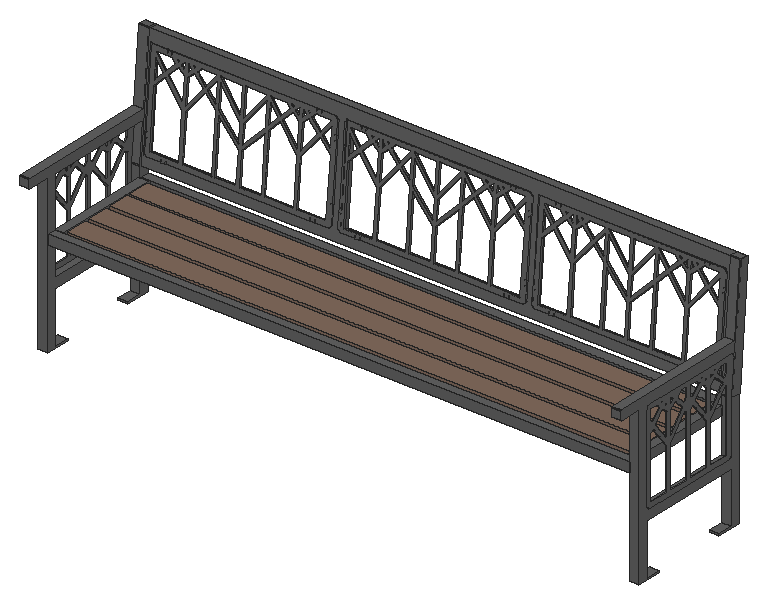
Revit family (continued)
Definition of nested family "Panel-Back-SiteScapes-Steel_Sheet_Metal-8ft"
  Definition of nested family "Panel-Back-SiteScapes-Steel_Sheet_Metal_96_Single"
    Lines and regions (in)
      Masking region 1, detail levels medium+fine
        outline origin (0, -0.07227, 0) x (-1, 0, 0) y (0, 0, 1)
          loop
            spline (21.90475, 13.78866) -> (21.90552, 13.78286) -> (21.90736, 13.77731) -> (21.91022, 13.7722) -> (21.91398, 13.76771) -> (21.91852, 13.764) -> (21.92367, 13.7612) -> (21.92926, 13.75941) -> (21.93509, 13.75869) -> (21.94095, 13.75907) -> (21.94663, 13.76053) -> (21.95195, 13.76302) -> (21.9567, 13.76646)
            line (21.9567, 13.76646) -> (22.47557, 14.22204)
            spline (22.47557, 14.22204) -> (22.47849, 14.22497) -> (22.48099, 14.22826) -> (22.48303, 14.23186) -> (22.48456, 14.23569) -> (22.48556, 14.2397) -> (22.48601, 14.2438) -> (22.48591, 14.24793) -> (22.48525, 14.25201) -> (22.48405, 14.25596) -> (22.48232, 14.25971) -> (22.48011, 14.2632) -> (22.47744, 14.26636)
          loop
            line (21.90475, 12.97745) -> (21.90475, 9.15192)
            spline (21.90475, 9.15192) -> (21.90563, 9.14568) -> (21.90775, 9.13974) -> (21.91103, 9.13435) -> (21.91533, 9.12973) -> (21.92048, 9.12606) -> (21.92626, 9.1235) -> (21.93245, 9.12215) -> (21.93878, 9.12207) -> (21.94499, 9.12326) -> (21.95084, 9.12567) -> (21.95608, 9.1292) -> (21.9605, 9.13371)
            line (21.9605, 9.13371) -> (24.42044, 12.2135)
            spline (24.42044, 12.2135) -> (24.42256, 12.21651) -> (24.4243, 12.21974) -> (24.42564, 12.22317) -> (24.42656, 12.22672) -> (24.42705, 12.23036) -> (24.4271, 12.23403) -> (24.42671, 12.23768) -> (24.42588, 12.24126) -> (24.42463, 12.24472) -> (24.42298, 12.248) -> (24.42094, 12.25106) -> (24.41855, 12.25386)
            line (24.41855, 12.25386) -> (22.90864, 13.81931)
            spline (22.90864, 13.81931) -> (22.90569, 13.82196) -> (22.90242, 13.82421) -> (22.89889, 13.82604) -> (22.89516, 13.82741) -> (22.89129, 13.82831) -> (22.88733, 13.8287) -> (22.88336, 13.8286) -> (22.87943, 13.828) -> (22.87561, 13.8269) -> (22.87195, 13.82534) -> (22.86853, 13.82333) -> (22.86538, 13.8209)
            line (22.86538, 13.8209) -> (21.90475, 12.97745)
          loop
            line (24.78524, 11.82303) -> (21.90474, 8.2167) -> (21.90474, 0.9576)
            spline (21.90474, 0.9576) -> (21.90509, 0.95362) -> (21.90595, 0.94971) -> (21.9073, 0.94595) -> (21.90914, 0.94239) -> (21.91141, 0.9391) -> (21.91409, 0.93612) -> (21.91714, 0.93352) -> (21.92049, 0.93132) -> (21.9241, 0.92958) -> (21.92791, 0.92831) -> (21.93185, 0.92754) -> (21.93586, 0.92728)
            line (21.93586, 0.92728) -> (26.52265, 0.92727)
            spline (26.52265, 0.92727) -> (26.52666, 0.92752) -> (26.5306, 0.92829) -> (26.53441, 0.92956) -> (26.53802, 0.93131) -> (26.54138, 0.9335) -> (26.54442, 0.93611) -> (26.54711, 0.93908) -> (26.54938, 0.94238) -> (26.55121, 0.94594) -> (26.55257, 0.9497) -> (26.55343, 0.95361) -> (26.55377, 0.95759)
            line (26.55377, 0.95759) -> (26.55377, 10.04056) -> (24.83213, 11.82506)
            spline (24.83213, 11.82506) -> (24.82884, 11.82799) -> (24.82517, 11.83043) -> (24.8212, 11.83234) -> (24.81699, 11.83367) -> (24.81264, 11.8344) -> (24.80823, 11.83452) -> (24.80384, 11.83402) -> (24.79957, 11.83291) -> (24.7955, 11.83122) -> (24.7917, 11.82898) -> (24.78826, 11.82623) -> (24.78524, 11.82303)
          loop
            spline (16.69368, 10.92229) -> (16.69449, 10.91628) -> (16.69647, 10.91055) -> (16.69952, 10.9053) -> (16.70353, 10.90074) -> (16.70835, 10.89704) -> (16.7138, 10.89434) -> (16.71968, 10.89274) -> (16.72575, 10.89231) -> (16.73179, 10.89306) -> (16.73758, 10.89495) -> (16.74288, 10.89793) -> (16.7475, 10.90187)
            line (16.7475, 10.90187) -> (18.06902, 12.27199)
            spline (18.06902, 12.27199) -> (18.07141, 12.27479) -> (18.07345, 12.27785) -> (18.0751, 12.28113) -> (18.07635, 12.28459) -> (18.07718, 12.28816) -> (18.07757, 12.29182) -> (18.07753, 12.29549) -> (18.07704, 12.29913) -> (18.07611, 12.30268) -> (18.07477, 12.3061) -> (18.07303, 12.30934) -> (18.07091, 12.31235)
            line (18.07091, 12.31235) -> (16.74944, 13.96681)
            spline (16.74944, 13.96681) -> (16.74502, 13.97132) -> (16.73977, 13.97485) -> (16.73393, 13.97726) -> (16.72771, 13.97845) -> (16.72138, 13.97837) -> (16.7152, 13.97702) -> (16.70941, 13.97446) -> (16.70426, 13.97079) -> (16.69996, 13.96617) -> (16.69668, 13.96078) -> (16.69456, 13.95484) -> (16.69368, 13.9486)
            line (16.69368, 13.9486) -> (16.69368, 10.92229)
          loop
            spline (19.91606, 14.18699) -> (19.91872, 14.19015) -> (19.92094, 14.19363) -> (19.92266, 14.19738) -> (19.92386, 14.20133) -> (19.92452, 14.2054) -> (19.92463, 14.20952) -> (19.92418, 14.21362) -> (19.92318, 14.21763) -> (19.92166, 14.22146) -> (19.91963, 14.22506) -> (19.91713, 14.22835) -> (19.91422, 14.23128)
            line (19.91422, 14.23128) -> (19.17102, 14.88382) -> (16.7579, 14.88382)
            spline (16.7579, 14.88382) -> (16.75222, 14.88329) -> (16.74673, 14.88174) -> (16.74161, 14.87921) -> (16.73706, 14.87579) -> (16.7332, 14.8716) -> (16.73019, 14.86678) -> (16.72812, 14.86148) -> (16.72705, 14.8559) -> (16.72704, 14.85021) -> (16.72807, 14.84463) -> (16.73011, 14.83932) -> (16.73309, 14.83447)
            line (16.73309, 14.83447) -> (18.43572, 12.70282)
            spline (18.43572, 12.70282) -> (18.43874, 12.69962) -> (18.44218, 12.69687) -> (18.44597, 12.69463) -> (18.45005, 12.69293) -> (18.45432, 12.69183) -> (18.4587, 12.69133) -> (18.46311, 12.69145) -> (18.46746, 12.69218) -> (18.47167, 12.69351) -> (18.47564, 12.69542) -> (18.47931, 12.69786) -> (18.4826, 12.70079)
            line (18.4826, 12.70079) -> (19.91606, 14.18699)
          loop
            spline (20.53844, 14.83225) -> (20.542, 14.83702) -> (20.54458, 14.84238) -> (20.54608, 14.84813) -> (20.54645, 14.85406) -> (20.54566, 14.85995) -> (20.54376, 14.86558) -> (20.5408, 14.87074) -> (20.53691, 14.87525) -> (20.53223, 14.87892) -> (20.52692, 14.88164) -> (20.52119, 14.88329) -> (20.51524, 14.88381)
            line (20.51524, 14.88381) -> (20.09963, 14.88381)
            spline (20.09963, 14.88381) -> (20.09351, 14.8832) -> (20.08762, 14.8814) -> (20.08221, 14.87847) -> (20.07749, 14.87453) -> (20.07364, 14.86974) -> (20.07082, 14.86428) -> (20.06915, 14.85838) -> (20.06868, 14.85226) -> (20.06943, 14.84618) -> (20.07138, 14.84036) -> (20.07445, 14.83504) -> (20.07851, 14.83043)
            line (20.07851, 14.83043) -> (20.304, 14.63244)
            spline (20.304, 14.63244) -> (20.30714, 14.63002) -> (20.31057, 14.62801) -> (20.31422, 14.62644) -> (20.31804, 14.62535) -> (20.32197, 14.62475) -> (20.32595, 14.62464) -> (20.3299, 14.62504) -> (20.33378, 14.62593) -> (20.33751, 14.6273) -> (20.34103, 14.62913) -> (20.3443, 14.63139) -> (20.34725, 14.63404)
            line (20.34725, 14.63404) -> (20.53844, 14.83225)
          loop
            spline (20.76954, 14.26636) -> (20.76688, 14.2632) -> (20.76467, 14.25971) -> (20.76294, 14.25596) -> (20.76174, 14.25201) -> (20.76108, 14.24793) -> (20.76098, 14.2438) -> (20.76143, 14.2397) -> (20.76243, 14.23569) -> (20.76396, 14.23186) -> (20.76599, 14.22826) -> (20.76849, 14.22497) -> (20.77142, 14.22204)
            line (20.77142, 14.22204) -> (21.29029, 13.76646)
            spline (21.29029, 13.76646) -> (21.29504, 13.76302) -> (21.30035, 13.76053) -> (21.30604, 13.75907) -> (21.3119, 13.75869) -> (21.31773, 13.75941) -> (21.32332, 13.7612) -> (21.32847, 13.764) -> (21.33301, 13.76771) -> (21.33677, 13.7722) -> (21.33963, 13.77731) -> (21.34147, 13.78286) -> (21.34224, 13.78866)
            line (21.34224, 13.78866) -> (21.34224, 14.78389)
            spline (21.34224, 14.78389) -> (21.34142, 14.7899) -> (21.33945, 14.79564) -> (21.3364, 14.80088) -> (21.33239, 14.80544) -> (21.32756, 14.80914) -> (21.32211, 14.81184) -> (21.31624, 14.81344) -> (21.31016, 14.81387) -> (21.30412, 14.81312) -> (21.29834, 14.81123) -> (21.29303, 14.80825) -> (21.28841, 14.80431)
            line (21.28841, 14.80431) -> (20.76954, 14.26636)
          loop
            line (21.34224, 12.97745) -> (20.3816, 13.8209)
            spline (20.3816, 13.8209) -> (20.37846, 13.82333) -> (20.37504, 13.82534) -> (20.37138, 13.8269) -> (20.36756, 13.828) -> (20.36363, 13.8286) -> (20.35966, 13.8287) -> (20.3557, 13.82831) -> (20.35183, 13.82741) -> (20.3481, 13.82604) -> (20.34457, 13.82421) -> (20.3413, 13.82196) -> (20.33835, 13.81931)
            line (20.33835, 13.81931) -> (18.82844, 12.25386)
            spline (18.82844, 12.25386) -> (18.82605, 12.25106) -> (18.82401, 12.248) -> (18.82236, 12.24472) -> (18.82111, 12.24126) -> (18.82028, 12.23768) -> (18.81989, 12.23403) -> (18.81993, 12.23036) -> (18.82042, 12.22672) -> (18.82135, 12.22317) -> (18.82269, 12.21974) -> (18.82443, 12.21651) -> (18.82655, 12.2135)
            line (18.82655, 12.2135) -> (21.28649, 9.13371)
            spline (21.28649, 9.13371) -> (21.29091, 9.1292) -> (21.29615, 9.12567) -> (21.302, 9.12326) -> (21.30821, 9.12207) -> (21.31454, 9.12215) -> (21.32072, 9.1235) -> (21.32651, 9.12606) -> (21.33166, 9.12973) -> (21.33596, 9.13435) -> (21.33924, 9.13974) -> (21.34136, 9.14568) -> (21.34224, 9.15192)
            line (21.34224, 9.15192) -> (21.34224, 12.97745)
          loop
            spline (18.46175, 11.82303) -> (18.45873, 11.82623) -> (18.45529, 11.82898) -> (18.45149, 11.83122) -> (18.44742, 11.83291) -> (18.44315, 11.83402) -> (18.43876, 11.83452) -> (18.43435, 11.8344) -> (18.43, 11.83367) -> (18.42579, 11.83234) -> (18.42181, 11.83043) -> (18.41815, 11.82799) -> (18.41486, 11.82506)
            line (18.41486, 11.82506) -> (16.69368, 10.04056) -> (16.69368, 0.95759)
            spline (16.69368, 0.95759) -> (16.69402, 0.95361) -> (16.69488, 0.9497) -> (16.69623, 0.94594) -> (16.69807, 0.94238) -> (16.70034, 0.93909) -> (16.70302, 0.93611) -> (16.70607, 0.9335) -> (16.70943, 0.93131) -> (16.71304, 0.92956) -> (16.71685, 0.92829) -> (16.72079, 0.92753) -> (16.7248, 0.92727)
            line (16.7248, 0.92727) -> (21.31113, 0.92728)
            spline (21.31113, 0.92728) -> (21.31514, 0.92754) -> (21.31908, 0.92831) -> (21.32288, 0.92958) -> (21.3265, 0.93132) -> (21.32985, 0.93352) -> (21.3329, 0.93612) -> (21.33558, 0.9391) -> (21.33785, 0.94239) -> (21.33968, 0.94595) -> (21.34104, 0.94971) -> (21.3419, 0.95362) -> (21.34224, 0.9576)
            line (21.34224, 0.9576) -> (21.34224, 8.2167) -> (18.46175, 11.82303)
          loop
            line (12.80484, 10.58059) -> (16.20257, 14.83447)
            spline (16.20257, 14.83447) -> (16.20555, 14.83932) -> (16.20759, 14.84462) -> (16.20862, 14.85021) -> (16.20861, 14.8559) -> (16.20754, 14.86148) -> (16.20547, 14.86677) -> (16.20246, 14.8716) -> (16.1986, 14.87579) -> (16.19405, 14.87921) -> (16.18894, 14.88174) -> (16.18345, 14.88329) -> (16.17776, 14.88382)
            line (16.17776, 14.88382) -> (12.81131, 14.88382)
            spline (12.81131, 14.88382) -> (12.8033, 14.8833) -> (12.79542, 14.88176) -> (12.7878, 14.87922) -> (12.78058, 14.87573) -> (12.77387, 14.87134) -> (12.76778, 14.86613) -> (12.76241, 14.86018) -> (12.75786, 14.85359) -> (12.7542, 14.84647) -> (12.75148, 14.83895) -> (12.74977, 14.83113) -> (12.74908, 14.82317)
            line (12.74908, 14.82317) -> (12.74908, 10.59879)
            spline (12.74908, 10.59879) -> (12.74996, 10.59255) -> (12.75208, 10.58661) -> (12.75536, 10.58122) -> (12.75966, 10.5766) -> (12.76481, 10.57293) -> (12.7706, 10.57037) -> (12.77678, 10.56902) -> (12.78311, 10.56894) -> (12.78933, 10.57013) -> (12.79518, 10.57254) -> (12.80042, 10.57607) -> (12.80484, 10.58059)
          loop
            line (16.18658, 13.96726) -> (12.74908, 9.66357) -> (12.74908, 6.75636) -> (16.18658, 10.32031) -> (16.18658, 13.96726)
          loop
            line (16.13275, 9.45899) -> (12.74908, 5.95086) -> (12.74908, 0.95761)
            spline (12.74908, 0.95761) -> (12.74943, 0.95362) -> (12.75028, 0.94972) -> (12.75164, 0.94595) -> (12.75347, 0.94239) -> (12.75575, 0.9391) -> (12.75843, 0.93613) -> (12.76147, 0.93352) -> (12.76483, 0.93133) -> (12.76844, 0.92958) -> (12.77225, 0.92831) -> (12.77619, 0.92754) -> (12.7802, 0.92728)
            line (12.7802, 0.92728) -> (16.15547, 0.92728)
            spline (16.15547, 0.92728) -> (16.15947, 0.92754) -> (16.16341, 0.92831) -> (16.16722, 0.92958) -> (16.17083, 0.93133) -> (16.17419, 0.93352) -> (16.17723, 0.93613) -> (16.17992, 0.9391) -> (16.18219, 0.94239) -> (16.18402, 0.94595) -> (16.18538, 0.94972) -> (16.18623, 0.95362) -> (16.18658, 0.95761)
            line (16.18658, 0.95761) -> (16.18658, 9.43857)
            spline (16.18658, 9.43857) -> (16.18576, 9.44458) -> (16.18379, 9.45032) -> (16.18074, 9.45557) -> (16.17673, 9.46013) -> (16.1719, 9.46383) -> (16.16645, 9.46653) -> (16.16058, 9.46812) -> (16.1545, 9.46855) -> (16.14846, 9.46781) -> (16.14268, 9.46591) -> (16.13737, 9.46293) -> (16.13275, 9.45899)
          loop
            spline (-1.61719, 10.92229) -> (-1.61637, 10.91628) -> (-1.6144, 10.91055) -> (-1.61135, 10.9053) -> (-1.60734, 10.90074) -> (-1.60252, 10.89704) -> (-1.59706, 10.89434) -> (-1.59119, 10.89274) -> (-1.58512, 10.89231) -> (-1.57908, 10.89306) -> (-1.57329, 10.89495) -> (-1.56799, 10.89793) -> (-1.56336, 10.90187)
            line (-1.56336, 10.90187) -> (-0.24185, 12.27199)
            spline (-0.24185, 12.27199) -> (-0.23946, 12.27479) -> (-0.23742, 12.27785) -> (-0.23576, 12.28113) -> (-0.23451, 12.28459) -> (-0.23369, 12.28816) -> (-0.23329, 12.29182) -> (-0.23334, 12.29549) -> (-0.23383, 12.29913) -> (-0.23475, 12.30268) -> (-0.2361, 12.3061) -> (-0.23784, 12.30934) -> (-0.23996, 12.31235)
            line (-0.23996, 12.31235) -> (-1.56143, 13.96681)
            spline (-1.56143, 13.96681) -> (-1.56585, 13.97132) -> (-1.57109, 13.97485) -> (-1.57694, 13.97726) -> (-1.58316, 13.97845) -> (-1.58949, 13.97837) -> (-1.59567, 13.97702) -> (-1.60146, 13.97446) -> (-1.60661, 13.97079) -> (-1.61091, 13.96617) -> (-1.61419, 13.96078) -> (-1.61631, 13.95484) -> (-1.61719, 13.9486)
            line (-1.61719, 13.9486) -> (-1.61719, 10.92229)
          loop
            spline (1.60519, 14.18699) -> (1.60786, 14.19015) -> (1.61007, 14.19363) -> (1.61179, 14.19738) -> (1.613, 14.20133) -> (1.61366, 14.2054) -> (1.61376, 14.20952) -> (1.61331, 14.21362) -> (1.61232, 14.21763) -> (1.61079, 14.22146) -> (1.60876, 14.22506) -> (1.60626, 14.22835) -> (1.60335, 14.23128)
            line (1.60335, 14.23128) -> (0.86015, 14.88382) -> (-1.55297, 14.88382)
            spline (-1.55297, 14.88382) -> (-1.55865, 14.88329) -> (-1.56414, 14.88174) -> (-1.56925, 14.87921) -> (-1.57381, 14.87579) -> (-1.57766, 14.8716) -> (-1.58068, 14.86678) -> (-1.58275, 14.86148) -> (-1.58381, 14.8559) -> (-1.58383, 14.85021) -> (-1.5828, 14.84463) -> (-1.58076, 14.83932) -> (-1.57778, 14.83447)
            line (-1.57778, 14.83447) -> (0.12485, 12.70282)
            spline (0.12485, 12.70282) -> (0.12787, 12.69962) -> (0.13131, 12.69687) -> (0.1351, 12.69463) -> (0.13918, 12.69293) -> (0.14345, 12.69183) -> (0.14783, 12.69133) -> (0.15224, 12.69145) -> (0.15659, 12.69218) -> (0.1608, 12.69351) -> (0.16478, 12.69542) -> (0.16844, 12.69786) -> (0.17173, 12.70079)
            line (0.17173, 12.70079) -> (1.60519, 14.18699)
          loop
            spline (2.22757, 14.83225) -> (2.23114, 14.83702) -> (2.23371, 14.84238) -> (2.23521, 14.84813) -> (2.23558, 14.85406) -> (2.23479, 14.85995) -> (2.23289, 14.86558) -> (2.22994, 14.87074) -> (2.22604, 14.87525) -> (2.22136, 14.87892) -> (2.21605, 14.88164) -> (2.21032, 14.88329) -> (2.20438, 14.88381)
            line (2.20438, 14.88381) -> (1.78877, 14.88381)
            spline (1.78877, 14.88381) -> (1.78264, 14.8832) -> (1.77675, 14.8814) -> (1.77134, 14.87847) -> (1.76662, 14.87453) -> (1.76277, 14.86974) -> (1.75995, 14.86428) -> (1.75828, 14.85838) -> (1.75781, 14.85226) -> (1.75856, 14.84618) -> (1.76051, 14.84036) -> (1.76358, 14.83504) -> (1.76764, 14.83043)
            line (1.76764, 14.83043) -> (1.99313, 14.63244)
            spline (1.99313, 14.63244) -> (1.99627, 14.63002) -> (1.9997, 14.62801) -> (2.00335, 14.62644) -> (2.00717, 14.62535) -> (2.0111, 14.62475) -> (2.01508, 14.62464) -> (2.01903, 14.62504) -> (2.02291, 14.62593) -> (2.02664, 14.6273) -> (2.03017, 14.62913) -> (2.03343, 14.63139) -> (2.03639, 14.63404)
            line (2.03639, 14.63404) -> (2.22757, 14.83225)
          loop
            spline (2.45868, 14.26636) -> (2.45601, 14.2632) -> (2.4538, 14.25971) -> (2.45207, 14.25596) -> (2.45087, 14.25201) -> (2.45021, 14.24793) -> (2.45011, 14.2438) -> (2.45056, 14.2397) -> (2.45156, 14.23569) -> (2.45309, 14.23186) -> (2.45513, 14.22826) -> (2.45763, 14.22497) -> (2.46055, 14.22204)
            line (2.46055, 14.22204) -> (2.97942, 13.76646)
            spline (2.97942, 13.76646) -> (2.98417, 13.76302) -> (2.98949, 13.76053) -> (2.99517, 13.75907) -> (3.00103, 13.75869) -> (3.00686, 13.75941) -> (3.01245, 13.7612) -> (3.0176, 13.764) -> (3.02214, 13.76771) -> (3.0259, 13.7722) -> (3.02876, 13.77731) -> (3.0306, 13.78286) -> (3.03137, 13.78866)
            line (3.03137, 13.78866) -> (3.03137, 14.78389)
            spline (3.03137, 14.78389) -> (3.03055, 14.7899) -> (3.02858, 14.79564) -> (3.02553, 14.80088) -> (3.02152, 14.80544) -> (3.01669, 14.80914) -> (3.01124, 14.81184) -> (3.00537, 14.81344) -> (2.9993, 14.81387) -> (2.99325, 14.81312) -> (2.98747, 14.81123) -> (2.98217, 14.80825) -> (2.97754, 14.80431)
            line (2.97754, 14.80431) -> (2.45868, 14.26636)
          loop
            line (3.03137, 12.97745) -> (2.07074, 13.8209)
            spline (2.07074, 13.8209) -> (2.06759, 13.82333) -> (2.06417, 13.82534) -> (2.06051, 13.8269) -> (2.05669, 13.828) -> (2.05276, 13.8286) -> (2.04879, 13.8287) -> (2.04483, 13.82831) -> (2.04096, 13.82741) -> (2.03723, 13.82604) -> (2.0337, 13.82421) -> (2.03044, 13.82196) -> (2.02748, 13.81931)
            line (2.02748, 13.81931) -> (0.51757, 12.25386)
            spline (0.51757, 12.25386) -> (0.51518, 12.25106) -> (0.51314, 12.248) -> (0.51149, 12.24472) -> (0.51024, 12.24126) -> (0.50941, 12.23768) -> (0.50902, 12.23403) -> (0.50907, 12.23036) -> (0.50956, 12.22672) -> (0.51048, 12.22317) -> (0.51182, 12.21974) -> (0.51356, 12.21651) -> (0.51568, 12.2135)
            line (0.51568, 12.2135) -> (2.97562, 9.13371)
            spline (2.97562, 9.13371) -> (2.98004, 9.1292) -> (2.98528, 9.12567) -> (2.99113, 9.12326) -> (2.99734, 9.12207) -> (3.00367, 9.12215) -> (3.00986, 9.1235) -> (3.01564, 9.12606) -> (3.02079, 9.12973) -> (3.02509, 9.13435) -> (3.02837, 9.13974) -> (3.03049, 9.14568) -> (3.03137, 9.15192)
            line (3.03137, 9.15192) -> (3.03137, 12.97745)
          loop
            spline (0.15088, 11.82303) -> (0.14786, 11.82623) -> (0.14442, 11.82898) -> (0.14062, 11.83122) -> (0.13655, 11.83291) -> (0.13228, 11.83402) -> (0.12789, 11.83452) -> (0.12348, 11.8344) -> (0.11913, 11.83367) -> (0.11492, 11.83234) -> (0.11095, 11.83043) -> (0.10728, 11.82799) -> (0.10399, 11.82506)
            line (0.10399, 11.82506) -> (-1.61719, 10.04056) -> (-1.61719, 0.95759)
            spline (-1.61719, 0.95759) -> (-1.61685, 0.95361) -> (-1.61599, 0.9497) -> (-1.61463, 0.94594) -> (-1.6128, 0.94238) -> (-1.61053, 0.93909) -> (-1.60784, 0.93611) -> (-1.6048, 0.9335) -> (-1.60144, 0.93131) -> (-1.59783, 0.92956) -> (-1.59402, 0.92829) -> (-1.59008, 0.92753) -> (-1.58607, 0.92727)
            line (-1.58607, 0.92727) -> (3.00026, 0.92728)
            spline (3.00026, 0.92728) -> (3.00427, 0.92754) -> (3.00821, 0.92831) -> (3.01202, 0.92958) -> (3.01563, 0.93132) -> (3.01898, 0.93352) -> (3.02203, 0.93612) -> (3.02471, 0.9391) -> (3.02699, 0.94239) -> (3.02882, 0.94595) -> (3.03017, 0.94971) -> (3.03103, 0.95362) -> (3.03138, 0.9576)
            line (3.03138, 0.9576) -> (3.03138, 8.2167) -> (0.15088, 11.82303)
          loop
            line (8.24244, 10.92229) -> (8.24244, 13.9486)
            spline (8.24244, 13.9486) -> (8.24156, 13.95484) -> (8.23944, 13.96078) -> (8.23616, 13.96617) -> (8.23186, 13.97079) -> (8.22671, 13.97446) -> (8.22092, 13.97702) -> (8.21474, 13.97837) -> (8.20841, 13.97845) -> (8.20219, 13.97726) -> (8.19635, 13.97485) -> (8.1911, 13.97132) -> (8.18668, 13.96681)
            line (8.18668, 13.96681) -> (6.86521, 12.31235)
            spline (6.86521, 12.31235) -> (6.86309, 12.30934) -> (6.86135, 12.3061) -> (6.86001, 12.30268) -> (6.85908, 12.29913) -> (6.85859, 12.29549) -> (6.85855, 12.29182) -> (6.85894, 12.28816) -> (6.85977, 12.28459) -> (6.86102, 12.28113) -> (6.86267, 12.27785) -> (6.86471, 12.27479) -> (6.8671, 12.27199)
            line (6.8671, 12.27199) -> (8.18862, 10.90187)
            spline (8.18862, 10.90187) -> (8.19324, 10.89793) -> (8.19854, 10.89495) -> (8.20433, 10.89306) -> (8.21037, 10.89231) -> (8.21644, 10.89274) -> (8.22232, 10.89434) -> (8.22777, 10.89704) -> (8.23259, 10.90074) -> (8.2366, 10.9053) -> (8.23965, 10.91055) -> (8.24163, 10.91628) -> (8.24244, 10.92229)
          loop
            line (5.02006, 14.18699) -> (6.45352, 12.70079)
            spline (6.45352, 12.70079) -> (6.45681, 12.69786) -> (6.46048, 12.69542) -> (6.46445, 12.69351) -> (6.46866, 12.69218) -> (6.47301, 12.69145) -> (6.47742, 12.69133) -> (6.4818, 12.69183) -> (6.48607, 12.69293) -> (6.49015, 12.69463) -> (6.49394, 12.69687) -> (6.49738, 12.69962) -> (6.5004, 12.70282)
            line (6.5004, 12.70282) -> (8.20303, 14.83447)
            spline (8.20303, 14.83447) -> (8.20601, 14.83932) -> (8.20805, 14.84463) -> (8.20908, 14.85021) -> (8.20907, 14.8559) -> (8.208, 14.86148) -> (8.20593, 14.86678) -> (8.20292, 14.8716) -> (8.19906, 14.87579) -> (8.19451, 14.87921) -> (8.18939, 14.88174) -> (8.1839, 14.88329) -> (8.17822, 14.88382)
            line (8.17822, 14.88382) -> (5.7651, 14.88382) -> (5.0219, 14.23128)
            spline (5.0219, 14.23128) -> (5.01899, 14.22835) -> (5.01649, 14.22506) -> (5.01446, 14.22146) -> (5.01294, 14.21763) -> (5.01194, 14.21362) -> (5.01149, 14.20952) -> (5.0116, 14.2054) -> (5.01226, 14.20133) -> (5.01346, 14.19738) -> (5.01518, 14.19363) -> (5.0174, 14.19015) -> (5.02006, 14.18699)
          loop
            line (4.39768, 14.83225) -> (4.58887, 14.63404)
            spline (4.58887, 14.63404) -> (4.59182, 14.63139) -> (4.59509, 14.62913) -> (4.59861, 14.6273) -> (4.60234, 14.62593) -> (4.60622, 14.62504) -> (4.61017, 14.62464) -> (4.61415, 14.62475) -> (4.61808, 14.62535) -> (4.6219, 14.62644) -> (4.62555, 14.62801) -> (4.62898, 14.63002) -> (4.63212, 14.63244)
            line (4.63212, 14.63244) -> (4.85761, 14.83043)
            spline (4.85761, 14.83043) -> (4.86167, 14.83504) -> (4.86474, 14.84036) -> (4.86669, 14.84618) -> (4.86744, 14.85226) -> (4.86697, 14.85838) -> (4.8653, 14.86428) -> (4.86248, 14.86974) -> (4.85863, 14.87453) -> (4.85391, 14.87847) -> (4.8485, 14.8814) -> (4.84261, 14.8832) -> (4.83649, 14.88381)
            line (4.83649, 14.88381) -> (4.42088, 14.88381)
            spline (4.42088, 14.88381) -> (4.41493, 14.88329) -> (4.4092, 14.88164) -> (4.40389, 14.87892) -> (4.39921, 14.87525) -> (4.39532, 14.87074) -> (4.39236, 14.86558) -> (4.39046, 14.85995) -> (4.38967, 14.85406) -> (4.39004, 14.84813) -> (4.39154, 14.84238) -> (4.39412, 14.83702) -> (4.39768, 14.83225)
          loop
            line (4.16658, 14.26636) -> (3.64771, 14.80431)
            spline (3.64771, 14.80431) -> (3.64309, 14.80825) -> (3.63778, 14.81123) -> (3.632, 14.81312) -> (3.62596, 14.81387) -> (3.61988, 14.81344) -> (3.61401, 14.81184) -> (3.60856, 14.80914) -> (3.60373, 14.80544) -> (3.59972, 14.80088) -> (3.59667, 14.79564) -> (3.5947, 14.7899) -> (3.59388, 14.78389)
            line (3.59388, 14.78389) -> (3.59388, 13.78866)
            spline (3.59388, 13.78866) -> (3.59465, 13.78286) -> (3.59649, 13.77731) -> (3.59935, 13.7722) -> (3.60311, 13.76771) -> (3.60765, 13.764) -> (3.6128, 13.7612) -> (3.61839, 13.75941) -> (3.62422, 13.75869) -> (3.63008, 13.75907) -> (3.63577, 13.76053) -> (3.64108, 13.76302) -> (3.64583, 13.76646)
            line (3.64583, 13.76646) -> (4.1647, 14.22204)
            spline (4.1647, 14.22204) -> (4.16763, 14.22497) -> (4.17013, 14.22826) -> (4.17216, 14.23186) -> (4.17369, 14.23569) -> (4.17469, 14.2397) -> (4.17514, 14.2438) -> (4.17504, 14.24793) -> (4.17438, 14.25201) -> (4.17318, 14.25596) -> (4.17145, 14.25971) -> (4.16924, 14.2632) -> (4.16658, 14.26636)
          loop
            line (3.59388, 12.97745) -> (3.59388, 9.15192)
            spline (3.59388, 9.15192) -> (3.59476, 9.14568) -> (3.59688, 9.13974) -> (3.60016, 9.13435) -> (3.60446, 9.12973) -> (3.60961, 9.12606) -> (3.6154, 9.1235) -> (3.62158, 9.12215) -> (3.62791, 9.12207) -> (3.63412, 9.12326) -> (3.63997, 9.12567) -> (3.64521, 9.1292) -> (3.64963, 9.13371)
            line (3.64963, 9.13371) -> (6.10957, 12.2135)
            spline (6.10957, 12.2135) -> (6.11169, 12.21651) -> (6.11343, 12.21974) -> (6.11477, 12.22317) -> (6.1157, 12.22672) -> (6.11619, 12.23036) -> (6.11623, 12.23403) -> (6.11584, 12.23768) -> (6.11501, 12.24126) -> (6.11376, 12.24472) -> (6.11211, 12.248) -> (6.11007, 12.25106) -> (6.10768, 12.25386)
            line (6.10768, 12.25386) -> (4.59777, 13.81931)
            spline (4.59777, 13.81931) -> (4.59482, 13.82196) -> (4.59155, 13.82421) -> (4.58802, 13.82604) -> (4.58429, 13.82741) -> (4.58042, 13.82831) -> (4.57646, 13.8287) -> (4.57249, 13.8286) -> (4.56856, 13.828) -> (4.56474, 13.8269) -> (4.56108, 13.82534) -> (4.55766, 13.82333) -> (4.55452, 13.8209)
            line (4.55452, 13.8209) -> (3.59388, 12.97745)
          loop
            line (6.47437, 11.82303) -> (3.59388, 8.2167) -> (3.59388, 0.9576)
            spline (3.59388, 0.9576) -> (3.59422, 0.95362) -> (3.59508, 0.94971) -> (3.59644, 0.94595) -> (3.59827, 0.94239) -> (3.60054, 0.9391) -> (3.60322, 0.93612) -> (3.60627, 0.93352) -> (3.60962, 0.93132) -> (3.61324, 0.92958) -> (3.61704, 0.92831) -> (3.62098, 0.92754) -> (3.62499, 0.92728)
            line (3.62499, 0.92728) -> (8.21086, 0.92727)
            spline (8.21086, 0.92727) -> (8.21493, 0.92753) -> (8.21893, 0.92829) -> (8.2228, 0.92956) -> (8.22646, 0.93131) -> (8.22987, 0.9335) -> (8.23296, 0.93611) -> (8.23568, 0.93909) -> (8.23799, 0.94238) -> (8.23985, 0.94594) -> (8.24122, 0.9497) -> (8.24209, 0.95361) -> (8.24245, 0.95759)
            line (8.24245, 0.95759) -> (8.24245, 10.04056) -> (6.52126, 11.82506)
            spline (6.52126, 11.82506) -> (6.51797, 11.82799) -> (6.51431, 11.83043) -> (6.51033, 11.83234) -> (6.50612, 11.83367) -> (6.50177, 11.8344) -> (6.49736, 11.83452) -> (6.49297, 11.83402) -> (6.4887, 11.83291) -> (6.48463, 11.83122) -> (6.48083, 11.82898) -> (6.47739, 11.82623) -> (6.47437, 11.82303)
          loop
            spline (12.13082, 10.58059) -> (12.13524, 10.57607) -> (12.14048, 10.57254) -> (12.14633, 10.57013) -> (12.15255, 10.56894) -> (12.15888, 10.56902) -> (12.16506, 10.57037) -> (12.17085, 10.57293) -> (12.176, 10.5766) -> (12.1803, 10.58122) -> (12.18358, 10.58661) -> (12.1857, 10.59255) -> (12.18658, 10.59879)
            line (12.18658, 10.59879) -> (12.18658, 14.82317)
            spline (12.18658, 14.82317) -> (12.18589, 14.83113) -> (12.18418, 14.83895) -> (12.18146, 14.84647) -> (12.1778, 14.85359) -> (12.17325, 14.86018) -> (12.16788, 14.86613) -> (12.16179, 14.87134) -> (12.15508, 14.87573) -> (12.14786, 14.87922) -> (12.14024, 14.88176) -> (12.13236, 14.8833) -> (12.12435, 14.88382)
            line (12.12435, 14.88382) -> (8.75836, 14.88382)
            spline (8.75836, 14.88382) -> (8.75267, 14.88329) -> (8.74718, 14.88174) -> (8.74207, 14.87921) -> (8.73752, 14.87579) -> (8.73366, 14.8716) -> (8.73065, 14.86677) -> (8.72858, 14.86148) -> (8.72751, 14.8559) -> (8.7275, 14.85021) -> (8.72853, 14.84462) -> (8.73057, 14.83932) -> (8.73355, 14.83447)
            line (8.73355, 14.83447) -> (12.13082, 10.58059)
          loop
            line (8.74954, 13.96726) -> (8.74954, 10.32031) -> (12.18658, 6.75636) -> (12.18658, 9.66357) -> (8.74954, 13.96726)
          loop
            spline (8.80337, 9.45899) -> (8.79875, 9.46293) -> (8.79344, 9.46591) -> (8.78766, 9.46781) -> (8.78162, 9.46855) -> (8.77554, 9.46812) -> (8.76967, 9.46653) -> (8.76422, 9.46383) -> (8.75939, 9.46013) -> (8.75538, 9.45557) -> (8.75233, 9.45032) -> (8.75036, 9.44458) -> (8.74954, 9.43857)
            line (8.74954, 9.43857) -> (8.74954, 0.95761)
            spline (8.74954, 0.95761) -> (8.74989, 0.95362) -> (8.75074, 0.94972) -> (8.7521, 0.94595) -> (8.75393, 0.94239) -> (8.75621, 0.9391) -> (8.75889, 0.93613) -> (8.76193, 0.93352) -> (8.76529, 0.93133) -> (8.7689, 0.92958) -> (8.77271, 0.92831) -> (8.77665, 0.92754) -> (8.78065, 0.92728)
            line (8.78065, 0.92728) -> (12.15546, 0.92728)
            spline (12.15546, 0.92728) -> (12.15947, 0.92754) -> (12.16341, 0.92831) -> (12.16722, 0.92958) -> (12.17083, 0.93133) -> (12.17419, 0.93352) -> (12.17723, 0.93613) -> (12.17992, 0.9391) -> (12.18219, 0.94239) -> (12.18402, 0.94595) -> (12.18538, 0.94972) -> (12.18623, 0.95362) -> (12.18658, 0.95761)
            line (12.18658, 0.95761) -> (12.18658, 5.95086) -> (8.80337, 9.45899)
      Masking region 2, detail levels medium+fine
        outline origin (-12.46829, 0, 0) x (0, 1, 0) y (0, 0, 1)
          loop
            line (-0.60165, 0.06191) -> (0.81883, 15.54741) -> (0.6749, 15.56062) -> (-0.74557, 0.07511) -> (-0.60165, 0.06191)
      Masking region 3, detail levels medium+fine
        outline origin (0, 0, 0) x (1, 0, 0) y (0, 1, 0)
          loop
            line (-27.43704, 0.78485) -> (-27.43704, -0.70689) -> (-27.06204, -0.74085) -> (2.14121, -0.74085) -> (2.50046, -0.7083) -> (2.50046, 0.78485) -> (2.12546, 0.81883) -> (-27.06204, 0.81883) -> (-27.43704, 0.78485)
      model lines, detail levels coarse
        curve 1: line (-26.99541, 0.71298, 15.18466) -> (2.05883, 0.71298, 15.18466)
        curve 2: line (-26.99541, -0.63571, 0.48163) -> (-26.99541, 0.71298, 15.18466)
        curve 3: line (2.05883, -0.63571, 0.48163) -> (-26.99541, -0.63571, 0.48163)
        curve 4: line (2.05883, -0.63571, 0.48163) -> (2.05883, 0.71298, 15.18466)
        curve 5: line (-21.62349, -0.63571, 0.48163) -> (-21.62349, 0.71298, 15.18466)
        curve 6: line (-16.44013, -0.63571, 0.48163) -> (-16.44013, 0.71298, 15.18466)
        curve 7: line (-26.99541, 0.22974, 9.91651) -> (-21.91486, 0.71298, 15.18466)
        curve 8: line (-26.99541, 0.69093, 14.94429) -> (-21.62349, 0.07401, 8.21874)
        curve 9: line (-21.62349, 0.51568, 13.0337) -> (-24.07332, 0.71298, 15.18466)
        curve 10: line (-16.44013, 0.24767, 10.11202) -> (-21.33213, 0.71298, 15.18466)
        curve 11: line (-16.44013, 0.66928, 14.70824) -> (-21.62349, 0.07401, 8.21874)
        curve 12: line (-21.62349, 0.51568, 13.0337) -> (-19.17367, 0.71298, 15.18466)
        curve 13: line (-12.46829, -0.12256, 6.07589) -> (-16.44013, 0.24025, 10.03112)
        curve 14: line (-12.46829, 0.20686, 9.66711) -> (-16.45637, 0.66487, 14.66012)
        curve 15: line (-3.31308, -0.63571, 0.48163) -> (-3.31308, 0.71298, 15.18466)
        curve 16: line (-8.49645, -0.63571, 0.48163) -> (-8.49645, 0.71298, 15.18466)
        curve 17: line (2.05883, 0.22974, 9.91652) -> (-3.02172, 0.71298, 15.18466)
        curve 18: line (2.05883, 0.69093, 14.94429) -> (-3.31308, 0.07401, 8.21874)
        curve 19: line (-3.31308, 0.51568, 13.0337) -> (-0.86326, 0.71298, 15.18466)
        curve 20: line (-8.49645, 0.24767, 10.11202) -> (-3.60445, 0.71298, 15.18466)
        curve 21: line (-8.49645, 0.66928, 14.70824) -> (-3.31308, 0.07401, 8.21874)
        curve 22: line (-3.31308, 0.51568, 13.0337) -> (-5.76291, 0.71298, 15.18466)
        curve 23: line (-12.46829, -0.12256, 6.07589) -> (-8.49645, 0.24025, 10.03112)
        curve 24: line (-12.46829, 0.20686, 9.66711) -> (-8.48021, 0.66487, 14.66012)
        curve 25: line (-12.46829, -0.63571, 0.48163) -> (-12.46829, 0.71298, 15.18466)
    Dimensions and locks (in)
      "Depth": plane 5 "Back" to plane 4 "Front"
      equal spacing: plane 5 "Back", plane 1 "Center (Front/Back)", plane 4 "Front"
      locked: plane 7 to plane 6 at 0.25
      locked: plane 8 to plane 9 at 0.25
      "Height": plane 10 "Top" to plane 2 "Original Bottom"
      equal spacing: plane 6, plane 3 "Center (Left/Right)", plane 8
      "Depth": plane 13 to plane 12
      equal spacing: plane 13, plane 11 "ANGLE", plane 12
      aligned and locked: plane 2 "Original Bottom" to level
      aligned and locked: plane 6 to Extrusion 1  (x3)
      aligned and locked: plane 8 to Extrusion 1  (x3)
      aligned: plane 10 "Top" to Extrusion 1
      aligned: plane 2 "Original Bottom" to Extrusion 1
      aligned: plane 1 "Center (Front/Back)" to Extrusion 1
      aligned: Masking region 1 sketch curve to Extrusion 1  (x27)
      aligned and locked: Masking region 1 sketch curve to Extrusion 1  (x37)
      aligned: Extrusion 1 to Masking region 1 sketch curve  (x11)
      aligned and locked: Extrusion 1 to plane 12
      aligned and locked: plane 13 to Extrusion 1
      aligned and locked: plane 13 to Masking region 2 sketch curve
      aligned and locked: Masking region 2 sketch curve to plane 12
      aligned and locked: Masking region 2 sketch curve to Extrusion 1  (x2)
      aligned and locked: plane 6 to Masking region 3 sketch curve
      aligned and locked: plane 8 to Masking region 3 sketch curve
      aligned and locked: Extrusion 1 to Masking region 3 sketch curve  (x2)
      aligned and locked: Masking region 3 sketch curve to Extrusion 1  (x4)
    Automatic sketch dimensions
      Extrusion 1 sketch curve to plane 8 = 0' - 0"  (x4)
      Extrusion 1 sketch curve to plane 6 = 0' - 0"  (x3)
      plane 8 to Extrusion 1 sketch curve = 0' - 0.00002"
      Extrusion 1 sketch curve to plane 8 = 0' - 0.16525"
      Extrusion 1 sketch curve to plane 8 = 0' - 0.16527"
      Extrusion 1 sketch curve to plane 8 = 0' - 0.16557"
      Extrusion 1 sketch curve to plane 8 = 0' - 0.16561"
      Extrusion 1 sketch curve to plane 8 = 0' - 0.21995"
      Extrusion 1 sketch curve to plane 8 = 0' - 0.21996"
      Extrusion 1 sketch curve to Extrusion 1 sketch curve = 0' - 0.05477"
      Extrusion 1 sketch curve to Extrusion 1 sketch curve = 0' - 0.0548"
      Extrusion 1 sketch curve to Extrusion 1 sketch curve = 0' - 0.09227"
      Extrusion 1 sketch curve to Extrusion 1 sketch curve = 0' - 0"  (x23)
      Extrusion 1 sketch curve to Extrusion 1 sketch curve = 0' - 0.00007"  (x23)
      Extrusion 1 sketch curve to Extrusion 1 sketch curve = 0' - 0.09768"
      Extrusion 1 sketch curve to Extrusion 1 sketch curve = 0' - 0.09787"
      Extrusion 1 sketch curve to Extrusion 1 sketch curve = 0' - 0.09918"
      Extrusion 1 sketch curve to Extrusion 1 sketch curve = 0' - 0.00008"
      Extrusion 1 sketch curve to plane 8 = 0' - 0 3/8"  (x2)
      Extrusion 1 sketch curve to plane 8 = 0' - 0.88327"  (x2)
      Extrusion 1 sketch curve to Extrusion 1 sketch curve = 0' - 0.03112"  (x6)
      Extrusion 1 sketch curve to Extrusion 1 sketch curve = 0' - 0 1/32"  (x15)
      Extrusion 1 sketch curve to Extrusion 1 sketch curve = 0' - 0.03127"  (x3)
      Extrusion 1 sketch curve to Extrusion 1 sketch curve = 0' - 0.03942"
      Extrusion 1 sketch curve to Extrusion 1 sketch curve = 0' - 0.02258"  (x2)
      Extrusion 1 sketch curve to Extrusion 1 sketch curve = 0' - 0.02449"  (x10)
      Extrusion 1 sketch curve to Extrusion 1 sketch curve = 0' - 0.02481"  (x5)
      Extrusion 1 sketch curve to Extrusion 1 sketch curve = 0' - 0.00013"  (x5)
      Extrusion 1 sketch curve to Extrusion 1 sketch curve = 0' - 1.32186"  (x2)
      Extrusion 1 sketch curve to Extrusion 1 sketch curve = 0' - 0.02222"  (x7)
      Extrusion 1 sketch curve to Extrusion 1 sketch curve = 0' - 0.02411"  (x5)
      Extrusion 1 sketch curve to Extrusion 1 sketch curve = 0' - 0.34584"  (x4)
      Extrusion 1 sketch curve to Extrusion 1 sketch curve = 0' - 1.70973"
      Extrusion 1 sketch curve to Extrusion 1 sketch curve = 0' - 1.67674"
      Extrusion 1 sketch curve to Extrusion 1 sketch curve = 0' - 0.36481"  (x2)
      Extrusion 1 sketch curve to Extrusion 1 sketch curve = 0' - 0.02254"  (x4)
      Extrusion 1 sketch curve to Extrusion 1 sketch curve = 0' - 0.01661"
      Extrusion 1 sketch curve to Extrusion 1 sketch curve = 0' - 0.01648"
      Extrusion 1 sketch curve to Extrusion 1 sketch curve = 0' - 0.02435"  (x3)
      Extrusion 1 sketch curve to Extrusion 1 sketch curve = 0' - 0.02436"  (x4)
      Extrusion 1 sketch curve to Extrusion 1 sketch curve = 0' - 0.03296"
      Extrusion 1 sketch curve to Extrusion 1 sketch curve = 0' - 0.03323"
      Extrusion 1 sketch curve to Extrusion 1 sketch curve = 0' - 0.02253"  (x3)
      Extrusion 1 sketch curve to Extrusion 1 sketch curve = 0' - 0.3648"  (x5)
      Extrusion 1 sketch curve to Extrusion 1 sketch curve = 0' - 0.00189"  (x4)
      Extrusion 1 sketch curve to Extrusion 1 sketch curve = 0' - 0.70329"
      Extrusion 1 sketch curve to Extrusion 1 sketch curve = 0' - 0.04324"
      Extrusion 1 sketch curve to Extrusion 1 sketch curve = 0' - 0.74974"
      Extrusion 1 sketch curve to Extrusion 1 sketch curve = 0' - 0.01688"  (x2)
      Extrusion 1 sketch curve to Extrusion 1 sketch curve = 0' - 0.0145"  (x2)
      Extrusion 1 sketch curve to Extrusion 1 sketch curve = 0' - 0.72281"
      Extrusion 1 sketch curve to Extrusion 1 sketch curve = 0' - 0.02036"  (x2)
      Extrusion 1 sketch curve to Extrusion 1 sketch curve = 0' - 0.02223"  (x2)
      Extrusion 1 sketch curve to Extrusion 1 sketch curve = 0' - 0.16496"
      Extrusion 1 sketch curve to Extrusion 1 sketch curve = 0' - 0.02063"
      Extrusion 1 sketch curve to Extrusion 1 sketch curve = 0' - 0.00011"  (x3)
      Extrusion 1 sketch curve to Extrusion 1 sketch curve = 0' - 0.17312"
      Extrusion 1 sketch curve to Extrusion 1 sketch curve = 0' - 0.02077"  (x2)
      Extrusion 1 sketch curve to Extrusion 1 sketch curve = 0' - 0.42229"  (x4)
      Extrusion 1 sketch curve to Extrusion 1 sketch curve = 0' - 0.02264"  (x2)
      Extrusion 1 sketch curve to Extrusion 1 sketch curve = 0' - 0.00869"
      Extrusion 1 sketch curve to Extrusion 1 sketch curve = 0' - 0.02247"  (x6)
      Extrusion 1 sketch curve to Extrusion 1 sketch curve = 0' - 0.0207"  (x6)
      Extrusion 1 sketch curve to Extrusion 1 sketch curve = 0' - 0.15924"
      Extrusion 1 sketch curve to Extrusion 1 sketch curve = 0' - 0.02252"
      Extrusion 1 sketch curve to Extrusion 1 sketch curve = 0' - 0.0086"
      Extrusion 1 sketch curve to Extrusion 1 sketch curve = 0' - 0.36573"
      Extrusion 1 sketch curve to Extrusion 1 sketch curve = 0' - 2.82473"  (x2)
      Extrusion 1 sketch curve to Extrusion 1 sketch curve = 0' - 0.74192"
      Extrusion 1 sketch curve to Extrusion 1 sketch curve = 0' - 0 139/256"
      Extrusion 1 sketch curve to Extrusion 1 sketch curve = 0' - 0.02259"  (x7)
      Extrusion 1 sketch curve to Extrusion 1 sketch curve = 0' - 0.02075"  (x2)
      Extrusion 1 sketch curve to Extrusion 1 sketch curve = 0' - 2.06449"
      Extrusion 1 sketch curve to Extrusion 1 sketch curve = 0' - 0.03111"  (x6)
      Extrusion 1 sketch curve to Extrusion 1 sketch curve = 0' - 0 9/16"  (x6)
      Extrusion 1 sketch curve to Extrusion 1 sketch curve = 0' - 0.02072"  (x2)
      Extrusion 1 sketch curve to Extrusion 1 sketch curve = 0' - 0.00867"
      Extrusion 1 sketch curve to Extrusion 1 sketch curve = 0' - 0.01054"
      Extrusion 1 sketch curve to Extrusion 1 sketch curve = 0' - 0.48772"
      Extrusion 1 sketch curve to Extrusion 1 sketch curve = 0' - 0.02059"
      Extrusion 1 sketch curve to Extrusion 1 sketch curve = 0' - 0.02245"
      Extrusion 1 sketch curve to Extrusion 1 sketch curve = 0' - 0.00861"
      Extrusion 1 sketch curve to Extrusion 1 sketch curve = 0' - 0.23172"
      Extrusion 1 sketch curve to Extrusion 1 sketch curve = 0' - 0.02249"
      Extrusion 1 sketch curve to Extrusion 1 sketch curve = 0' - 0.38989"  (x2)
      Extrusion 1 sketch curve to Extrusion 1 sketch curve = 0' - 0.1368"
      Extrusion 1 sketch curve to Extrusion 1 sketch curve = 0' - 0.01056"
      Extrusion 1 sketch curve to Extrusion 1 sketch curve = 0' - 0.19368"
      Extrusion 1 sketch curve to Extrusion 1 sketch curve = 0' - 0.02065"
      Extrusion 1 sketch curve to Extrusion 1 sketch curve = 0' - 0.01047"
      Extrusion 1 sketch curve to Extrusion 1 sketch curve = 0' - 0.00187"  (x3)
      Extrusion 1 sketch curve to Extrusion 1 sketch curve = 0' - 0.89764"
      Extrusion 1 sketch curve to Extrusion 1 sketch curve = 0' - 1.51016"  (x2)
      Extrusion 1 sketch curve to Extrusion 1 sketch curve = 0' - 2.41299"
      Extrusion 1 sketch curve to Extrusion 1 sketch curve = 0' - 0.00846"  (x2)
      Extrusion 1 sketch curve to Extrusion 1 sketch curve = 0' - 1.32149"
      plane 3 "Center (Left/Right)" to Extrusion 1 sketch curve = 0' - 4.2575"
      Extrusion 1 sketch curve to Extrusion 1 sketch curve = 0' - 0.05385"  (x2)
      Extrusion 1 sketch curve to Extrusion 1 sketch curve = 0' - 0.53052"
      Extrusion 1 sketch curve to Extrusion 1 sketch curve = 0' - 0.50709"
      Extrusion 1 sketch curve to Extrusion 1 sketch curve = 0' - 0.5071"  (x3)
      plane 3 "Center (Left/Right)" to Extrusion 1 sketch curve = 0' - 0.34409"
      Extrusion 1 sketch curve to Extrusion 1 sketch curve = 0' - 0.00015"  (x2)
      plane 3 "Center (Left/Right)" to Extrusion 1 sketch curve = 0' - 0.33747"
      plane 3 "Center (Left/Right)" to Extrusion 1 sketch curve = 0' - 0.3129"
      plane 3 "Center (Left/Right)" to Extrusion 1 sketch curve = 0' - 0.28171"
      Extrusion 1 sketch curve to Extrusion 1 sketch curve = 0' - 0.06224"  (x2)
      Extrusion 1 sketch curve to plane 3 "Center (Left/Right)" = 0' - 0.28079"  (x3)
      Extrusion 1 sketch curve to Extrusion 1 sketch curve = 0' - 3.38365"
      Extrusion 1 sketch curve to Extrusion 1 sketch curve = 0' - 3.37512"
      Extrusion 1 sketch curve to Extrusion 1 sketch curve = 0' - 3.36617"
      Extrusion 1 sketch curve to Extrusion 1 sketch curve = 0' - 0.00882"
      Extrusion 1 sketch curve to Extrusion 1 sketch curve = 0' - 0.53106"
      Extrusion 1 sketch curve to Extrusion 1 sketch curve = 0' - 0.0244"
      Extrusion 1 sketch curve to Extrusion 1 sketch curve = 0' - 0.03113"
      Extrusion 1 sketch curve to Extrusion 1 sketch curve = 0' - 0.38693"
      Extrusion 1 sketch curve to Extrusion 1 sketch curve = 0' - 0.71318"
      Extrusion 1 sketch curve to Extrusion 1 sketch curve = 0' - 0.76733"
      Extrusion 1 sketch curve to Extrusion 1 sketch curve = 0' - 0.14016"
      Extrusion 1 sketch curve to Extrusion 1 sketch curve = 0' - 0.02113"  (x2)
      Extrusion 1 sketch curve to Extrusion 1 sketch curve = 0' - 0.00026"
      Extrusion 1 sketch curve to Extrusion 1 sketch curve = 0' - 0.22558"
      Extrusion 1 sketch curve to Extrusion 1 sketch curve = 0' - 0.4"
      Extrusion 1 sketch curve to Extrusion 1 sketch curve = 0' - 0.19056"
      Extrusion 1 sketch curve to Extrusion 1 sketch curve = 0' - 0.00014"  (x2)
      Extrusion 1 sketch curve to Extrusion 1 sketch curve = 0' - 0.02295"  (x2)
      Extrusion 1 sketch curve to Extrusion 1 sketch curve = 0' - 0.02224"  (x2)
      Extrusion 1 sketch curve to Extrusion 1 sketch curve = 0' - 0.51885"
      Extrusion 1 sketch curve to Extrusion 1 sketch curve = 0' - 0.51882"
      Extrusion 1 sketch curve to Extrusion 1 sketch curve = 0' - 4.58619"
      Extrusion 1 sketch curve to Extrusion 1 sketch curve = 0' - 0.5192"
      Extrusion 1 sketch curve to Extrusion 1 sketch curve = 0' - 0.02037"
      Extrusion 1 sketch curve to Extrusion 1 sketch curve = 0' - 0.2311"
      Extrusion 1 sketch curve to Extrusion 1 sketch curve = 0' - 0.00025"
      Extrusion 1 sketch curve to Extrusion 1 sketch curve = 0' - 0.19119"
      Extrusion 1 sketch curve to Extrusion 1 sketch curve = 0' - 0.225"
      Extrusion 1 sketch curve to Extrusion 1 sketch curve = 0' - 2.06312"
      Extrusion 1 sketch curve to Extrusion 1 sketch curve = 0' - 0.85268"
      Extrusion 1 sketch curve to Extrusion 1 sketch curve = 0' - 0.01591"  (x2)
      Extrusion 1 sketch curve to Extrusion 1 sketch curve = 0' - 0.01541"
      Extrusion 1 sketch curve to Extrusion 1 sketch curve = 0' - 0.01503"
      Extrusion 1 sketch curve to Extrusion 1 sketch curve = 0' - 0.04094"
      Extrusion 1 sketch curve to Extrusion 1 sketch curve = 0' - 0.04564"
      Extrusion 1 sketch curve to Extrusion 1 sketch curve = 0' - 0.66645"
      Extrusion 1 sketch curve to Extrusion 1 sketch curve = 0' - 0.03947"
      Extrusion 1 sketch curve to Extrusion 1 sketch curve = 0' - 0 3/4"
      Extrusion 1 sketch curve to Extrusion 1 sketch curve = 0' - 0.0163"
      Extrusion 1 sketch curve to Extrusion 1 sketch curve = 0' - 0.01457"
      Extrusion 1 sketch curve to Extrusion 1 sketch curve = 0' - 0.0326"
      Extrusion 1 sketch curve to Extrusion 1 sketch curve = 0' - 0.01543"
      Extrusion 1 sketch curve to plane 6 = 0' - 0.94762"
      Extrusion 1 sketch curve to plane 6 = 0' - 0.93711"
      Extrusion 1 sketch curve to plane 6 = 0' - 0.91446"
      Extrusion 1 sketch curve to plane 6 = 0' - 0 3/8"  (x2)
      Extrusion 1 sketch curve to plane 6 = 0' - 0.3127"
      Extrusion 1 sketch curve to plane 6 = 0' - 0.31199"
      Extrusion 1 sketch curve to plane 6 = 0' - 0.31187"
      Extrusion 1 sketch curve to plane 6 = 0' - 0.31131"
      Extrusion 1 sketch curve to Extrusion 1 sketch curve = 0' - 0.09115"
      Extrusion 1 sketch curve to Extrusion 1 sketch curve = 0' - 0.09176"
      Extrusion 1 sketch curve to Extrusion 1 sketch curve = 0' - 0.09266"
      Extrusion 1 sketch curve to Extrusion 1 sketch curve = 0' - 0.09196"
      Extrusion 1 sketch curve to plane 6 = 0' - 0.16566"
      Extrusion 1 sketch curve to plane 6 = 0' - 0.16555"
      Extrusion 1 sketch curve to Extrusion 1 sketch curve = 0' - 0.05479"  (x2)
      Extrusion 1 sketch curve to plane 6 = 0' - 0.00004"
      plane 6 to Extrusion 1 sketch curve = 0' - 0.00024"
      Extrusion 1 sketch curve to Extrusion 1 sketch curve = 0' - 0.00337"
      Extrusion 1 sketch curve to Extrusion 1 sketch curve = 0' - 0.01074"
      Extrusion 1 sketch curve to Extrusion 1 sketch curve = 0' - 0.01223"
      Extrusion 1 sketch curve to Extrusion 1 sketch curve = 0' - 0.02053"
      Extrusion 1 sketch curve to Extrusion 1 sketch curve = 0' - 0.03612"
      Extrusion 1 sketch curve to Extrusion 1 sketch curve = 0' - 0.03764"
      Extrusion 1 sketch curve to Extrusion 1 sketch curve = 0' - 0.32518"
      Extrusion 1 sketch curve to Extrusion 1 sketch curve = 0' - 0.0005"
      Extrusion 1 sketch curve to Extrusion 1 sketch curve = 0' - 0.33098"
      Extrusion 1 sketch curve to Extrusion 1 sketch curve = 0' - 0.00057"  (x2)
      Extrusion 1 sketch curve to Extrusion 1 sketch curve = 0' - 0.35828"
      Extrusion 1 sketch curve to Extrusion 1 sketch curve = 0' - 0.00078"
      Extrusion 1 sketch curve to Extrusion 1 sketch curve = 0' - 0.34498"
      Extrusion 1 sketch curve to Extrusion 1 sketch curve = 0' - 0.0008"
      Extrusion 1 sketch curve to Extrusion 1 sketch curve = 0' - 0.37197"  (x2)
      Extrusion 1 sketch curve to Extrusion 1 sketch curve = 0' - 0.39838"
      Extrusion 1 sketch curve to Extrusion 1 sketch curve = 0' - 0.43176"
      Extrusion 1 sketch curve to Extrusion 1 sketch curve = 0' - 0.74182"
      Extrusion 1 sketch curve to Extrusion 1 sketch curve = 0' - 0.75744"
      Extrusion 1 sketch curve to Extrusion 1 sketch curve = 0' - 0.43177"
      Extrusion 1 sketch curve to Extrusion 1 sketch curve = 0' - 0.39839"
      Extrusion 1 sketch curve to Extrusion 1 sketch curve = 0' - 0.03045"  (x10)
      Extrusion 1 sketch curve to Extrusion 1 sketch curve = 0' - 0.03046"
      Extrusion 1 sketch curve to Extrusion 1 sketch curve = 0' - 0.03044"
      Extrusion 1 sketch curve to Extrusion 1 sketch curve = 0' - 1.21492"
      Extrusion 1 sketch curve to Extrusion 1 sketch curve = 0' - 1.21498"
      Extrusion 1 sketch curve to Extrusion 1 sketch curve = 0' - 0.61363"
      Extrusion 1 sketch curve to Extrusion 1 sketch curve = 0' - 0.61455"
      Extrusion 1 sketch curve to Extrusion 1 sketch curve = 0' - 0.01488"
      Extrusion 1 sketch curve to Extrusion 1 sketch curve = 0' - 0.01596"
      Extrusion 1 sketch curve to Extrusion 1 sketch curve = 0' - 0.09412"
      Extrusion 1 sketch curve to Extrusion 1 sketch curve = 0' - 0.09453"
      Extrusion 1 sketch curve to Extrusion 1 sketch curve = 0' - 0.6286"
      Extrusion 1 sketch curve to Extrusion 1 sketch curve = 0' - 0.62875"
      Extrusion 1 sketch curve to Extrusion 1 sketch curve = 0' - 0.01558"
      Extrusion 1 sketch curve to Extrusion 1 sketch curve = 0' - 0.01592"
      Extrusion 1 sketch curve to Extrusion 1 sketch curve = 0' - 5.01354"
      Extrusion 1 sketch curve to Extrusion 1 sketch curve = 0' - 0.80888"
      Extrusion 1 sketch curve to Extrusion 1 sketch curve = 0' - 4.65224"
      Extrusion 1 sketch curve to Extrusion 1 sketch curve = 0' - 4.65259"
      Extrusion 1 sketch curve to Extrusion 1 sketch curve = 0' - 0.92087"  (x3)
      Extrusion 1 sketch curve to Extrusion 1 sketch curve = 0' - 0.01828"  (x4)
      Extrusion 1 sketch curve to Extrusion 1 sketch curve = 0' - 2.69231"  (x2)
      Extrusion 1 sketch curve to Extrusion 1 sketch curve = 0' - 0.00117"  (x3)
      Extrusion 1 sketch curve to Extrusion 1 sketch curve = 0' - 2.91942"
      Extrusion 1 sketch curve to Extrusion 1 sketch curve = 0' - 0.60451"  (x2)
      Extrusion 1 sketch curve to Extrusion 1 sketch curve = 0' - 0.91065"  (x2)
      Extrusion 1 sketch curve to Extrusion 1 sketch curve = 0' - 0.28092"  (x2)
      Extrusion 1 sketch curve to Extrusion 1 sketch curve = 0' - 0.01829"  (x2)
      Extrusion 1 sketch curve to Extrusion 1 sketch curve = 0' - 0.58403"  (x2)
      Extrusion 1 sketch curve to Extrusion 1 sketch curve = 0' - 0.86495"  (x2)
      Extrusion 1 sketch curve to Extrusion 1 sketch curve = 0' - 0.02048"  (x4)
      Extrusion 1 sketch curve to Extrusion 1 sketch curve = 0' - 0.69349"
      Extrusion 1 sketch curve to Extrusion 1 sketch curve = 0' - 0.69357"
      Extrusion 1 sketch curve to Extrusion 1 sketch curve = 0' - 0.90515"  (x4)
      Extrusion 1 sketch curve to Extrusion 1 sketch curve = 0' - 0.01984"  (x3)
      Extrusion 1 sketch curve to Extrusion 1 sketch curve = 0' - 0.01985"
      Extrusion 1 sketch curve to Extrusion 1 sketch curve = 0' - 0.39212"  (x4)
      Extrusion 1 sketch curve to Extrusion 1 sketch curve = 0' - 0.61559"
      Extrusion 1 sketch curve to Extrusion 1 sketch curve = 0' - 0.61687"
      Extrusion 1 sketch curve to Extrusion 1 sketch curve = 0' - 0.01918"  (x4)
      Extrusion 1 sketch curve to Extrusion 1 sketch curve = 0' - 0.01372"
      Extrusion 1 sketch curve to Extrusion 1 sketch curve = 0' - 0.01256"
      Extrusion 1 sketch curve to Extrusion 1 sketch curve = 0' - 0.44881"  (x7)
      Extrusion 1 sketch curve to Extrusion 1 sketch curve = 0' - 0.02134"  (x4)
      Extrusion 1 sketch curve to Extrusion 1 sketch curve = 0' - 0.09455"
      Extrusion 1 sketch curve to Extrusion 1 sketch curve = 0' - 0.09444"
      Extrusion 1 sketch curve to Extrusion 1 sketch curve = 0' - 0.3643"
      Extrusion 1 sketch curve to Extrusion 1 sketch curve = 0' - 0.00204"  (x3)
      Extrusion 1 sketch curve to Extrusion 1 sketch curve = 0' - 0.74797"  (x2)
      Extrusion 1 sketch curve to Extrusion 1 sketch curve = 0' - 0.6285"
      Extrusion 1 sketch curve to Extrusion 1 sketch curve = 0' - 0.62863"
      Extrusion 1 sketch curve to Extrusion 1 sketch curve = 0' - 0.01588"
      Extrusion 1 sketch curve to Extrusion 1 sketch curve = 0' - 0.01613"
      Extrusion 1 sketch curve to Extrusion 1 sketch curve = 0' - 0.79235"
      Extrusion 1 sketch curve to Extrusion 1 sketch curve = 0' - 0.79236"
      Extrusion 1 sketch curve to Extrusion 1 sketch curve = 0' - 0.00003"
      Extrusion 1 sketch curve to Extrusion 1 sketch curve = 0' - 0.00002"
      Extrusion 1 sketch curve to Extrusion 1 sketch curve = 0' - 0.02227"
      Extrusion 1 sketch curve to Extrusion 1 sketch curve = 0' - 0.02228"
      Extrusion 1 sketch curve to Extrusion 1 sketch curve = 0' - 0.02319"
      Extrusion 1 sketch curve to Extrusion 1 sketch curve = 0' - 0.02327"
      Extrusion 1 sketch curve to Extrusion 1 sketch curve = 0' - 0.03107"
      Extrusion 1 sketch curve to Extrusion 1 sketch curve = 0' - 0.03105"  (x2)
      Extrusion 1 sketch curve to Extrusion 1 sketch curve = 0' - 0.00778"
      Extrusion 1 sketch curve to Extrusion 1 sketch curve = 0' - 0.02196"  (x2)
      Extrusion 1 sketch curve to Extrusion 1 sketch curve = 0' - 0.02197"  (x2)
      Extrusion 1 sketch curve to Extrusion 1 sketch curve = 0' - 0.92181"
      Extrusion 1 sketch curve to Extrusion 1 sketch curve = 0' - 1.24981"
      Extrusion 1 sketch curve to Extrusion 1 sketch curve = 0' - 1.6611"
      Extrusion 1 sketch curve to Extrusion 1 sketch curve = 0' - 0.92154"
      Extrusion 1 sketch curve to Extrusion 1 sketch curve = 0' - 0.00119"  (x3)
      Extrusion 1 sketch curve to Extrusion 1 sketch curve = 0' - 0.0012"  (x2)
      Extrusion 1 sketch curve to Extrusion 1 sketch curve = 0' - 0.01874"  (x2)
      Extrusion 1 sketch curve to Extrusion 1 sketch curve = 0' - 0.36923"
      Extrusion 1 sketch curve to Extrusion 1 sketch curve = 0' - 0.36922"  (x2)
      Extrusion 1 sketch curve to Extrusion 1 sketch curve = 0' - 0.02136"  (x3)
      Extrusion 1 sketch curve to Extrusion 1 sketch curve = 0' - 0.39243"
      Extrusion 1 sketch curve to Extrusion 1 sketch curve = 0' - 0.40275"  (x4)
      Extrusion 1 sketch curve to Extrusion 1 sketch curve = 0' - 0.42405"  (x2)
      Extrusion 1 sketch curve to Extrusion 1 sketch curve = 0' - 0.02315"  (x3)
      Extrusion 1 sketch curve to Extrusion 1 sketch curve = 0' - 0.40281"  (x2)
      Extrusion 1 sketch curve to Extrusion 1 sketch curve = 0' - 0.00167"  (x2)
      Extrusion 1 sketch curve to Extrusion 1 sketch curve = 0' - 0.00179"  (x2)
      Extrusion 1 sketch curve to Extrusion 1 sketch curve = 0' - 0.53989"
      Extrusion 1 sketch curve to Extrusion 1 sketch curve = 0' - 0.54188"
      Extrusion 1 sketch curve to Extrusion 1 sketch curve = 0' - 0.02151"
      Extrusion 1 sketch curve to Extrusion 1 sketch curve = 0' - 0.85816"
      Extrusion 1 sketch curve to Extrusion 1 sketch curve = 0' - 0.00135"  (x2)
      Extrusion 1 sketch curve to Extrusion 1 sketch curve = 0' - 0.19827"
      Extrusion 1 sketch curve to Extrusion 1 sketch curve = 0' - 0.17493"
      Extrusion 1 sketch curve to Extrusion 1 sketch curve = 0' - 0.19889"
      Extrusion 1 sketch curve to Extrusion 1 sketch curve = 0' - 0.1989"
      Extrusion 1 sketch curve to Extrusion 1 sketch curve = 0' - 0.19825"
      Extrusion 1 sketch curve to Extrusion 1 sketch curve = 0' - 0.17672"
      Extrusion 1 sketch curve to Extrusion 1 sketch curve = 0' - 0.19905"  (x2)
      Extrusion 1 sketch curve to Extrusion 1 sketch curve = 0' - 0.05022"
      Extrusion 1 sketch curve to Extrusion 1 sketch curve = 0' - 0.04955"  (x2)
      Extrusion 1 sketch curve to Extrusion 1 sketch curve = 0' - 0.87131"  (x2)
      Extrusion 1 sketch curve to Extrusion 1 sketch curve = 0' - 0.01924"
      Extrusion 1 sketch curve to Extrusion 1 sketch curve = 0' - 0.01857"  (x3)
      Extrusion 1 sketch curve to Extrusion 1 sketch curve = 0' - 0.02139"
      Extrusion 1 sketch curve to Extrusion 1 sketch curve = 0' - 0.02142"
      Extrusion 1 sketch curve to Extrusion 1 sketch curve = 0' - 0.0208"  (x2)
      Extrusion 1 sketch curve to Extrusion 1 sketch curve = 0' - 0.33187"
      Extrusion 1 sketch curve to Extrusion 1 sketch curve = 0' - 0.00362"
